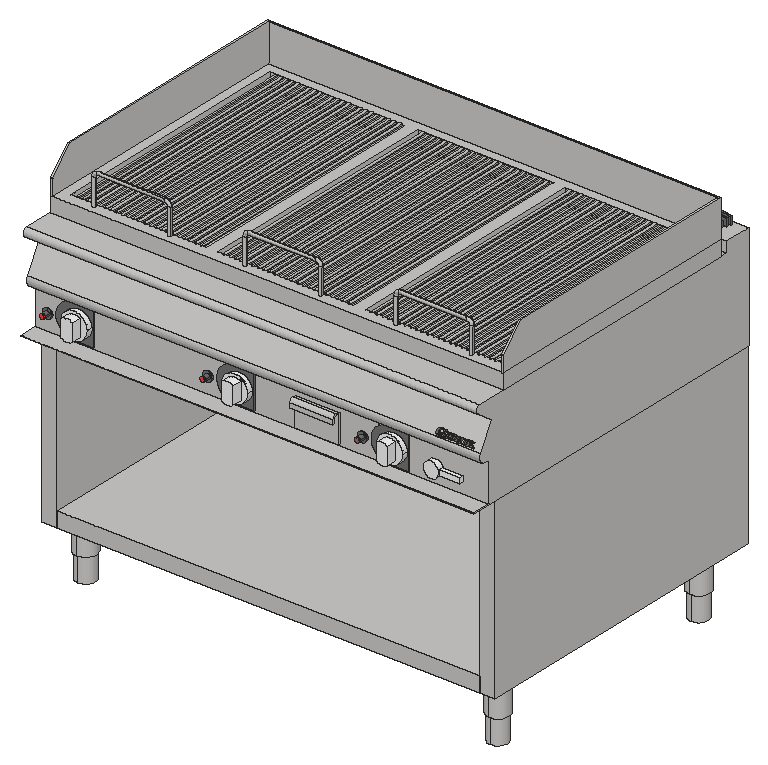
Revit family "QF_GIORIK_GL96GV", category Specialty Equipment, Revit 2014
Parameters (values of type "GL96GV")
  Weight in Pounds = 374.7854
  Waste Water Discharge Temperature [instance] = 0 °C
  URL Cutsheet = "www.giorik.com"
  URL = "www.giorik.com"
  Status [instance] = ""
  Specification by User [instance] = ""
  Specification by Manufacturer = ""
  Show Logo [instance] = yes
  Show Clearance [instance] = yes
  Serial Number = ""
  Seismic Rating = ""
  SMACNA No = ""
  Revision Code [instance] = ""
  Plumbing Remarks [instance] = ""
  Plumbing Connection Type [instance] = ""
  NAFEM Spec ID Number = ""
  Model = "GL96GV"
  Masterspec = ""
  Manufacturer = "GIORIK"
  Item Number [instance] = ""
  Installed By [instance] = ""
  Indirect Waste Size = 1"
  Indirect Waste Flow = 0.0 L/s
  Indirect Waste Connection Type [instance] = ""
  Indirect Waste Connection Height [instance] = 150 mm
  Identify Quantity as Lot [instance] = no
  Gas Size = 1"
  Gas RI Height [instance] = 0 mm
  Gas KW = 33
  Gas Input = 33000 W
  Gas Connection Height [instance] = 150 mm
  Furnished By [instance] = ""
  Foodservice Equipment Identifier [instance] = yes
  Description = "GAS STEAMGRILL"
  Cold Water Temperature Recommended = 0 °C
  Cold Water Size = 1/2"
  Cold Water RI Height [instance] = 150 mm
  Cold Water Minimum Pressure = 20000.0 Pa
  Cold Water Maximum Pressure = 50000.0 Pa
  Cold Water Flow [instance] = 0.0 L/s
  Cold Water Consumption [instance] = ""
  Cold Water Connection Height [instance] = 150 mm
  CSI MasterFormat = ""
  Assembly Code = "E1090320"
Reference planes
  plane 1 "Back": y = 0
  plane 2: z = 0
  plane 3 "Left": x = 0
  plane 4 "Right": x = 1200
  plane 5 "Front": y = -920
  plane 6 "Top": z = 900
Forms (mm)
  Extrusion 1, solid, visible <- "Show Logo"
    sketch origin (986.604, -908.674, 717.684) x (-1, 0, 0) y (0, 0.515038, 0.857167)
      loop
        line (-118.824, 58.358) -> (-127.804, 58.358) -> (-125.523, 56.445) -> (-125.523, 48.027) -> (-127.804, 46.113) -> (-118.824, 46.113) -> (-121.105, 48.027) -> (-121.105, 56.445) -> (-118.824, 58.358)
      loop
        line (-163.721, 58.358) -> (-172.7, 58.358) -> (-170.42, 56.445) -> (-170.42, 48.027) -> (-172.7, 46.113) -> (-163.721, 46.113) -> (-166.001, 48.027) -> (-166.001, 56.445) -> (-163.721, 58.358)
      loop
        line (-174.332, 58.358) -> (-183.312, 58.358) -> (-181.031, 56.445) -> (-181.031, 52.435) -> (-186.419, 56.955) -> (-184.416, 58.358) -> (-191.268, 58.358) -> (-188.01, 56.839) -> (-185.455, 54.283) -> (-190.846, 47.858) -> (-193.396, 46.93) -> (-193.396, 46.113) -> (-184.416, 46.113) -> (-185.437, 47.571) -> (-182.443, 51.552) -> (-181.031, 50.894) -> (-181.031, 48.027) -> (-183.312, 46.113) -> (-174.332, 46.113) -> (-176.613, 48.027) -> (-176.613, 56.445) -> (-174.332, 58.358)
      loop
        line (-115.429, 62.063) -> (-115.429, 54.198)
        arc (-115.429, 54.198) -> (-111.618, 57.803) -> (-106.847, 59.986) r 16.039
        arc (-106.847, 59.986) -> (-103.314, 59.837) -> (-100.512, 57.68) r 5.851
        arc (-100.512, 57.68) -> (-98.815, 52.267) -> (-100.512, 46.853) r 9.479
        arc (-100.512, 46.853) -> (-102.406, 44.986) -> (-104.846, 43.93) r 7.236
        arc (-104.846, 43.93) -> (-107.728, 44.111) -> (-110.052, 45.825) r 5.11
        line (-110.052, 45.825) -> (-110.052, 52.001) -> (-116.141, 52.001) -> (-116.141, 45.503) -> (-117.893, 43.751) -> (-114.094, 44.769)
        arc (-114.094, 44.769) -> (-112.56, 44.947) -> (-111.129, 44.366) r 3.115
        arc (-111.129, 44.366) -> (-104.216, 42.091) -> (-97.303, 44.366) r 11.641
        arc (-97.303, 44.366) -> (-93.396, 52.107) -> (-97.303, 59.849) r 9.622
        arc (-97.303, 59.849) -> (-104.369, 62.174) -> (-111.435, 59.849) r 11.898
        line (-111.435, 59.849) -> (-115.429, 62.063)
      loop
        arc (-129.234, 56.068) -> (-135.893, 58.628) -> (-142.552, 56.068) r 9.941
        arc (-142.552, 56.068) -> (-144.234, 52.286) -> (-142.552, 48.505) r 5.093
        arc (-142.552, 48.505) -> (-135.893, 45.945) -> (-129.234, 48.505) r 9.941
        arc (-129.234, 48.505) -> (-127.552, 52.286) -> (-129.234, 56.068) r 5.093
      loop
        arc (-132.628, 54.403) -> (-135.893, 57.668) -> (-139.158, 54.403) r 3.265
        line (-139.158, 54.403) -> (-139.158, 50.169)
        arc (-139.158, 50.169) -> (-135.893, 46.904) -> (-132.628, 50.169) r 3.265
        line (-132.628, 50.169) -> (-132.628, 54.403)
      loop
        arc (-156.363, 58.365) -> (-159.647, 55.081) -> (-156.363, 51.796) r 3.285
        line (-156.363, 51.796) -> (-159.529, 47.306) -> (-162.087, 46.113) -> (-155.847, 46.113) -> (-153.529, 51.083) -> (-150.637, 51.083) -> (-150.637, 47.784) -> (-153.022, 46.113) -> (-144.011, 46.113) -> (-146.094, 47.68) -> (-146.094, 56.493) -> (-144.229, 58.365) -> (-156.363, 58.365)
      loop
        line (-150.637, 57.512) -> (-153.637, 57.512)
        arc (-153.637, 57.512) -> (-156.237, 54.912) -> (-153.637, 52.312) r 2.6
        line (-153.637, 52.312) -> (-150.637, 52.312) -> (-150.637, 57.512)
      loop
        line (-108.924, 52.001) -> (-104.936, 49.005) -> (-100.948, 52.001) -> (-108.924, 52.001)
    from 1.5 to -0.5
  Extrusion 2, solid
    sketch origin (-16, 1025.81, 0) x (1, 0, 0) y (0, 1, 0)
      loop
        line (25, -1086.81) -> (25, -1156.81) -> (115, -1156.81) -> (115, -1086.81) -> (25, -1086.81)
    from 148 to 150
  Extrusion 3, solid
    sketch origin (-4, 0, 130) x (1, 0, 0) y (0, 1, 0)
      loop
        circle (54, -385) r 12.5
    from 0 to 20
  Extrusion 4, solid
    sketch origin (0, 800, -20) x (0, 1, 0) y (0, 0, 1)
      loop
        line (-800, 919.988) -> (-870, 919.988) -> (-870, 889.988) -> (-1688.806, 889.988)
        arc (-1688.806, 889.988) -> (-1699.151, 883.075) -> (-1696.724, 870.873) r 11.197
        line (-1696.724, 870.873) -> (-1647.575, 836.458) -> (-1686.203, 772.171)
        arc (-1686.203, 772.171) -> (-1687.435, 755.768) -> (-1675, 745) r 18.302
        line (-1675, 745) -> (-1660, 745) -> (-1660, 640) -> (-800, 640) -> (-800, 919.988)
    from 0 to 1200
  Extrusion 5, solid
    sketch origin (-16, 360.81, 0) x (1, 0, 0) y (0, 1, 0)
      loop
        line (25, -1086.81) -> (25, -1156.81) -> (115, -1156.81) -> (115, -1086.81) -> (25, -1086.81)
    from 148 to 150
  Revolve 6, solid
    sketch origin (54, 360.81, 0) x (0, 1, 0) y (0, 0, 1)
      loop
        line (-1092.56, 66) -> (-1092.56, 148) -> (-1121.81, 148) -> (-1121.81, 0) -> (-1096.81, 0) -> (-1096.81, 66) -> (-1092.56, 66)
      axis (-1121.81, 0) -> (-1121.81, 148)
    angle from 0 to 360
  Revolve 7, solid
    sketch origin (54, 1025.81, 0) x (0, 1, 0) y (0, 0, 1)
      loop
        line (-1092.56, 66) -> (-1092.56, 148) -> (-1121.81, 148) -> (-1121.81, 0) -> (-1096.81, 0) -> (-1096.81, 66) -> (-1092.56, 66)
      axis (-1121.81, 0) -> (-1121.81, 148)
    angle from 0 to 360
  Extrusion 8, solid
    sketch origin (1216, 360.81, 0) x (-1, 0, 0) y (0, -1, 0)
      loop
        line (25, 1086.81) -> (115, 1086.81) -> (115, 1156.81) -> (25, 1156.81) -> (25, 1086.81)
    from 148 to 150
  Revolve 9, solid
    sketch origin (1146, 360.81, 0) x (0, 1, 0) y (0, 0, -1)
      loop
        line (-1092.56, -66) -> (-1096.81, -66) -> (-1096.81, 0) -> (-1121.81, 0) -> (-1121.81, -148) -> (-1092.56, -148) -> (-1092.56, -66)
      axis (-1121.81, 0) -> (-1121.81, -148)
    angle from 0 to 360
  Extrusion 10, solid
    sketch origin (1216, -1217.81, 0) x (-1, 0, 0) y (0, -1, 0)
      loop
        line (25, -1086.81) -> (25, -1156.81) -> (115, -1156.81) -> (115, -1086.81) -> (25, -1086.81)
    from 148 to 150
  Revolve 11, solid
    sketch origin (1146, -1217.81, 0) x (0, -1, 0) y (0, 0, 1)
      loop
        line (-1092.56, 66) -> (-1092.56, 148) -> (-1121.81, 148) -> (-1121.81, 0) -> (-1096.81, 0) -> (-1096.81, 66) -> (-1092.56, 66)
      axis (-1121.81, 0) -> (-1121.81, 148)
    angle from 0 to 360
  Extrusion 12, solid
    sketch origin (-308.221, -812, -51.25) x (1, 0, 0) y (0, 0, 1)
      loop
        line (463.221, 676.25) -> (463.221, 766.25) -> (409.698, 766.25)
        arc (409.698, 766.25) -> (364.698, 721.25) -> (409.698, 676.25) r 45
        line (409.698, 676.25) -> (463.221, 676.25)
    from 48 to 50
  Extrusion 13, solid
    sketch origin (466.331, -860.641, -51.634) x (-1, 0, 0) y (0, -0.000888, -1)
      loop
        circle (351.331, -721.346) r 35
    from 0 to 15
  Extrusion 14, solid
    sketch origin (466.331, -860.641, -51.634) x (-1, 0, 0) y (0, -0.000888, -1)
      loop
        arc (336.331, -743.846) -> (351.331, -748.846) -> (366.331, -743.846) r 25
        line (366.331, -743.846) -> (366.331, -698.846)
        arc (366.331, -698.846) -> (351.331, -693.846) -> (336.331, -698.846) r 25
        line (336.331, -698.846) -> (336.331, -743.846)
    from 15 to 40
  Extrusion 15, solid
    sketch origin (-94, 0, -10.001) x (1, 0, 0) y (0, 0, 1)
      loop
        line (135, 909.989) -> (453, 909.989) -> (453, 925.527) -> (347.056, 931.749) -> (240.944, 931.749) -> (135, 925.527) -> (135, 909.989)
    from 32 to 35
  Extrusion 16, solid
    sketch origin (-92, 10, -10.001) x (1, 0, 0) y (0, 0, 1)
      loop
        line (454, 909.989) -> (454, 928.527) -> (346.162, 939.193) -> (237.838, 939.193) -> (130, 928.527) -> (130, 909.989) -> (454, 909.989)
    from 32 to 35
  Extrusion 17, solid
    sketch origin (-90, 20, -10.001) x (1, 0, 0) y (0, 0, 1)
      loop
        line (455, 909.989) -> (455, 930.527) -> (345.396, 947.413) -> (234.604, 947.413) -> (125, 930.527) -> (125, 909.989) -> (455, 909.989)
    from 32 to 35
  Extrusion 18, solid
    sketch origin (0, -200, 0) x (0, 1, 0) y (0, 0, 1)
      loop
        line (110, 909.988) -> (110, 1009.988) -> (-551.877, 1009.988) -> (-610, 951.864) -> (-610, 909.988) -> (110, 909.988)
    from 0 to 5
  Extrusion 19, solid
    sketch origin (0, -90, 0) x (1, 0, 0) y (0, 0, 1)
      loop
        line (5, 1009.988) -> (5, 909.988) -> (1195, 909.988) -> (1195, 1009.988) -> (5, 1009.988)
    from 0 to 5
  Sweep 20, solid
    path origin (32.128, -787.463, 1856.207) x (0, 0, 1) y (-1, 0, 0)
      loop
        line (-946.207, -65.372) -> (-876.207, -65.372)
        arc (-876.207, -65.372) -> (-869.136, -68.301) -> (-866.207, -75.372) r 10
        line (-866.207, -75.372) -> (-866.207, -255.372)
        arc (-866.207, -255.372) -> (-869.136, -262.443) -> (-876.207, -265.372) r 10
        line (-876.207, -265.372) -> (-946.207, -265.372)
    profile origin (97.5, -787.463, 945) x (-1, 0, 0) y (0, -1, 0)
      loop
        circle (0, 0) r 4
  Extrusion 21, solid
    sketch origin (1411.331, -860, -61.247) x (-1, 0, 0) y (0, 0, -1)
      loop
        circle (351.331, -721.221) r 20
    from 0 to 15
  Extrusion 22, solid
    sketch origin (780, -864, -62.044) x (1, 0, 0) y (0, 0, 1)
      loop
        line (275.18, 729.518) -> (275.18, 714.518) -> (355.18, 714.518) -> (355.18, 729.518) -> (275.18, 729.518)
    from 0 to 10
  Extrusion 23, solid
    sketch origin (552.347, -900, 59.9) x (0, 1, 0) y (0, 0, 1)
      loop
        line (40, 640.1) -> (30, 640.1)
        arc (30, 640.1) -> (22.929, 637.171) -> (20, 630.1) r 10
        line (20, 630.1) -> (20, 620.1) -> (22, 620.1) -> (22, 630.1)
        arc (22, 630.1) -> (24.343, 635.757) -> (30, 638.1) r 8
        line (30, 638.1) -> (38, 638.1) -> (38, 565.1) -> (40, 565.1) -> (40, 640.1)
    from 137.5 to 252.5
  Extrusion 24, solid
    sketch origin (422, 0, 100) x (0, 1, 0) y (-1, 0, 0)
      loop
        circle (-185, -308) r 12.7
    from 30 to 50
  Extrusion 25, solid
    sketch origin (831.75, -293, 100) x (0, 1, 0) y (-1, 0, 0)
      loop
        circle (-185, -308) r 6.35
    from 30 to 50
  Extrusion 26, solid
    sketch origin (0, -200, 900) x (0, 1, 0) y (-1, 0, 0)
      loop
        line (110, 0) -> (-610, 0) -> (-610, -1200) -> (110, -1200) -> (110, 0)
      loop
        line (80, -30) -> (-580, -30) -> (-580, -390) -> (80, -390) -> (80, -30)
      loop
        line (79.933, -420) -> (-580, -420) -> (-580, -780) -> (79.933, -780) -> (79.933, -420)
      loop
        line (80.011, -810) -> (-580, -810) -> (-580, -1170) -> (80.011, -1170) -> (80.011, -810)
    from -30.012 to 9.988
  Extrusion 27, solid
    sketch origin (-5, -200, 0) x (1, 0, 0) y (0, 0, 1)
      loop
        circle (50, 906.988) r 3
    from -80 to 580
  Extrusion 28, solid
    sketch origin (10, -200, 0) x (1, 0, 0) y (0, 0, 1)
      loop
        circle (50, 906.988) r 3
    from -80 to 580
  Extrusion 29, solid
    sketch origin (25, -200, 0) x (1, 0, 0) y (0, 0, 1)
      loop
        circle (50, 906.988) r 3
    from -80 to 580
  Extrusion 30, solid
    sketch origin (40, -200, 0) x (1, 0, 0) y (0, 0, 1)
      loop
        circle (50, 906.988) r 3
    from -80 to 580
  Extrusion 31, solid
    sketch origin (55, -200, 0) x (1, 0, 0) y (0, 0, 1)
      loop
        circle (50, 906.988) r 3
    from -80 to 580
  Extrusion 32, solid
    sketch origin (70, -200, 0) x (1, 0, 0) y (0, 0, 1)
      loop
        circle (50, 906.988) r 3
    from -80 to 580
  Extrusion 33, solid
    sketch origin (85, -200, 0) x (1, 0, 0) y (0, 0, 1)
      loop
        circle (50, 906.988) r 3
    from -80 to 580
  Extrusion 34, solid
    sketch origin (100, -200, 0) x (1, 0, 0) y (0, 0, 1)
      loop
        circle (50, 906.988) r 3
    from -80 to 580
  Extrusion 35, solid
    sketch origin (115, -200, 0) x (1, 0, 0) y (0, 0, 1)
      loop
        circle (50, 906.988) r 3
    from -80 to 580
  Extrusion 36, solid
    sketch origin (130, -200, 0) x (1, 0, 0) y (0, 0, 1)
      loop
        circle (50, 906.988) r 3
    from -80 to 580
  Extrusion 37, solid
    sketch origin (145, -200, 0) x (1, 0, 0) y (0, 0, 1)
      loop
        circle (50, 906.988) r 3
    from -80 to 580
  Extrusion 38, solid
    sketch origin (160, -200, 0) x (1, 0, 0) y (0, 0, 1)
      loop
        circle (50, 906.988) r 3
    from -80 to 580
  Extrusion 39, solid
    sketch origin (175, -200, 0) x (1, 0, 0) y (0, 0, 1)
      loop
        circle (50, 906.988) r 3
    from -80 to 580
  Extrusion 40, solid
    sketch origin (190, -200, 0) x (1, 0, 0) y (0, 0, 1)
      loop
        circle (50, 906.988) r 3
    from -80 to 580
  Extrusion 41, solid
    sketch origin (205, -200, 0) x (1, 0, 0) y (0, 0, 1)
      loop
        circle (50, 906.988) r 3
    from -80 to 580
  Extrusion 42, solid
    sketch origin (220, -200, 0) x (1, 0, 0) y (0, 0, 1)
      loop
        circle (50, 906.988) r 3
    from -80 to 580
  Extrusion 43, solid
    sketch origin (235, -200, 0) x (1, 0, 0) y (0, 0, 1)
      loop
        circle (50, 906.988) r 3
    from -80 to 580
  Extrusion 44, solid
    sketch origin (250, -200, 0) x (1, 0, 0) y (0, 0, 1)
      loop
        circle (50, 906.988) r 3
    from -80 to 580
  Extrusion 45, solid
    sketch origin (265, -200, 0) x (1, 0, 0) y (0, 0, 1)
      loop
        circle (50, 906.988) r 3
    from -80 to 580
  Extrusion 46, solid
    sketch origin (280, -200, 0) x (1, 0, 0) y (0, 0, 1)
      loop
        circle (50, 906.988) r 3
    from -80 to 580
  Extrusion 47, solid
    sketch origin (295, -200, 0) x (1, 0, 0) y (0, 0, 1)
      loop
        circle (50, 906.988) r 3
    from -80 to 580
  Extrusion 48, solid
    sketch origin (0, -860, 0) x (1, 0, 0) y (0, 0, 1)
      loop
        line (0, 620) -> (1200, 620) -> (1200, 622) -> (0, 622) -> (0, 620)
    from 0 to 50
  Extrusion 49, solid
    sketch origin (-6.142, -835.246, -47.152) x (1, 0, 0) y (0, 0.000339, 1)
      loop
        circle (38.702, 711.666) r 12.5
    from 25 to 27
  Extrusion 50, solid
    sketch origin (-732.35, -862.248, -53.566) x (1, 0, 0) y (0, 0.000339, 1)
      loop
        circle (764.91, 718.089) r 6
    from 0 to 15
  Extrusion 51, solid
    sketch origin (-732.35, -863.41, -53.565) x (1, 0, 0) y (0, 0.000339, 1)
      loop
        circle (764.91, 718.089) r 6
    from 13.838 to 15.838
  Extrusion 52, solid
    sketch origin (1195, -200, 0) x (0, 1, 0) y (0, 0, 1)
      loop
        line (110, 909.988) -> (110, 1009.988) -> (-551.877, 1009.988) -> (-610, 951.864) -> (-610, 909.988) -> (110, 909.988)
    from 0 to 5
  Extrusion 53, solid
    sketch origin (306, 0, -10.001) x (1, 0, 0) y (0, 0, 1)
      loop
        line (135, 909.989) -> (453, 909.989) -> (453, 925.527) -> (347.056, 931.749) -> (240.944, 931.749) -> (135, 925.527) -> (135, 909.989)
    from 32 to 35
  Extrusion 54, solid
    sketch origin (308, 10, -10.001) x (1, 0, 0) y (0, 0, 1)
      loop
        line (454, 909.989) -> (454, 928.527) -> (346.162, 939.193) -> (237.838, 939.193) -> (130, 928.527) -> (130, 909.989) -> (454, 909.989)
    from 32 to 35
  Extrusion 55, solid
    sketch origin (310, 20, -10.001) x (1, 0, 0) y (0, 0, 1)
      loop
        line (455, 909.989) -> (455, 930.527) -> (345.396, 947.413) -> (234.604, 947.413) -> (125, 930.527) -> (125, 909.989) -> (455, 909.989)
    from 32 to 35
  Sweep 56, solid
    path origin (432.128, -787.463, 1856.207) x (0, 0, 1) y (-1, 0, 0)
      loop
        line (-946.207, -65.372) -> (-876.207, -65.372)
        arc (-876.207, -65.372) -> (-869.136, -68.301) -> (-866.207, -75.372) r 10
        line (-866.207, -75.372) -> (-866.207, -255.372)
        arc (-866.207, -255.372) -> (-869.136, -262.443) -> (-876.207, -265.372) r 10
        line (-876.207, -265.372) -> (-946.207, -265.372)
    profile origin (497.5, -787.463, 945) x (-1, 0, 0) y (0, -1, 0)
      loop
        circle (0, 0) r 4
  Extrusion 57, solid
    sketch origin (310, -200, 0) x (1, 0, 0) y (0, 0, 1)
      loop
        circle (50, 906.988) r 3
    from -80 to 580
  Extrusion 58, solid
    sketch origin (306, 0, -10.001) x (1, 0, 0) y (0, 0, 1)
      loop
        line (135, 909.989) -> (453, 909.989) -> (453, 925.527) -> (347.056, 931.749) -> (240.944, 931.749) -> (135, 925.527) -> (135, 909.989)
    from 32 to 35
  Extrusion 59, solid
    sketch origin (308, 10, -10.001) x (1, 0, 0) y (0, 0, 1)
      loop
        line (454, 909.989) -> (454, 928.527) -> (346.162, 939.193) -> (237.838, 939.193) -> (130, 928.527) -> (130, 909.989) -> (454, 909.989)
    from 32 to 35
  Extrusion 60, solid
    sketch origin (310, 20, -10.001) x (1, 0, 0) y (0, 0, 1)
      loop
        line (455, 909.989) -> (455, 930.527) -> (345.396, 947.413) -> (234.604, 947.413) -> (125, 930.527) -> (125, 909.989) -> (455, 909.989)
    from 32 to 35
  Extrusion 61, solid
    sketch origin (116.779, -812, -51.25) x (1, 0, 0) y (0, 0, 1)
      loop
        line (463.221, 676.25) -> (463.221, 766.25) -> (409.698, 766.25)
        arc (409.698, 766.25) -> (364.698, 721.25) -> (409.698, 676.25) r 45
        line (409.698, 676.25) -> (463.221, 676.25)
    from 48 to 50
  Extrusion 62, solid
    sketch origin (891.331, -860.641, -51.634) x (-1, 0, 0) y (0, -0.000888, -1)
      loop
        circle (351.331, -721.346) r 35
    from 0 to 15
  Extrusion 63, solid
    sketch origin (891.331, -860.641, -51.634) x (-1, 0, 0) y (0, -0.000888, -1)
      loop
        arc (336.331, -743.846) -> (351.331, -748.846) -> (366.331, -743.846) r 25
        line (366.331, -743.846) -> (366.331, -698.846)
        arc (366.331, -698.846) -> (351.331, -693.846) -> (336.331, -698.846) r 25
        line (336.331, -698.846) -> (336.331, -743.846)
    from 15 to 40
  Extrusion 64, solid
    sketch origin (418.858, -835.246, -47.152) x (1, 0, 0) y (0, 0.000339, 1)
      loop
        circle (38.702, 711.666) r 12.5
    from 25 to 27
  Extrusion 65, solid
    sketch origin (-307.35, -862.248, -53.566) x (1, 0, 0) y (0, 0.000339, 1)
      loop
        circle (764.91, 718.089) r 6
    from 0 to 15
  Extrusion 66, solid
    sketch origin (-307.35, -863.41, -53.565) x (1, 0, 0) y (0, 0.000339, 1)
      loop
        circle (764.91, 718.089) r 6
    from 13.838 to 15.838
  Extrusion 67, solid
    sketch origin (526.779, -812, -51.25) x (1, 0, 0) y (0, 0, 1)
      loop
        line (463.221, 676.25) -> (463.221, 766.25) -> (409.698, 766.25)
        arc (409.698, 766.25) -> (364.698, 721.25) -> (409.698, 676.25) r 45
        line (409.698, 676.25) -> (463.221, 676.25)
    from 48 to 50
  Extrusion 68, solid
    sketch origin (1301.331, -860.641, -51.634) x (-1, 0, 0) y (0, -0.000888, -1)
      loop
        circle (351.331, -721.346) r 35
    from 0 to 15
  Extrusion 69, solid
    sketch origin (1301.331, -860.641, -51.634) x (-1, 0, 0) y (0, -0.000888, -1)
      loop
        arc (336.331, -743.846) -> (351.331, -748.846) -> (366.331, -743.846) r 25
        line (366.331, -743.846) -> (366.331, -698.846)
        arc (366.331, -698.846) -> (351.331, -693.846) -> (336.331, -698.846) r 25
        line (336.331, -698.846) -> (336.331, -743.846)
    from 15 to 40
  Extrusion 70, solid
    sketch origin (828.858, -835.246, -47.152) x (1, 0, 0) y (0, 0.000339, 1)
      loop
        circle (38.702, 711.666) r 12.5
    from 25 to 27
  Extrusion 71, solid
    sketch origin (102.65, -862.248, -53.566) x (1, 0, 0) y (0, 0.000339, 1)
      loop
        circle (764.91, 718.089) r 6
    from 0 to 15
  Extrusion 72, solid
    sketch origin (102.65, -863.41, -53.565) x (1, 0, 0) y (0, 0.000339, 1)
      loop
        circle (764.91, 718.089) r 6
    from 13.838 to 15.838
  Extrusion 73, solid
    sketch origin (706, 0, -10.001) x (1, 0, 0) y (0, 0, 1)
      loop
        line (135, 909.989) -> (453, 909.989) -> (453, 925.527) -> (347.056, 931.749) -> (240.944, 931.749) -> (135, 925.527) -> (135, 909.989)
    from 32 to 35
  Extrusion 74, solid
    sketch origin (708, 10, -10.001) x (1, 0, 0) y (0, 0, 1)
      loop
        line (454, 909.989) -> (454, 928.527) -> (346.162, 939.193) -> (237.838, 939.193) -> (130, 928.527) -> (130, 909.989) -> (454, 909.989)
    from 32 to 35
  Extrusion 75, solid
    sketch origin (710, 20, -10.001) x (1, 0, 0) y (0, 0, 1)
      loop
        line (455, 909.989) -> (455, 930.527) -> (345.396, 947.413) -> (234.604, 947.413) -> (125, 930.527) -> (125, 909.989) -> (455, 909.989)
    from 32 to 35
  Sweep 76, solid
    path origin (832.128, -787.463, 1856.207) x (0, 0, 1) y (-1, 0, 0)
      loop
        line (-946.207, -65.372) -> (-876.207, -65.372)
        arc (-876.207, -65.372) -> (-869.136, -68.301) -> (-866.207, -75.372) r 10
        line (-866.207, -75.372) -> (-866.207, -255.372)
        arc (-866.207, -255.372) -> (-869.136, -262.443) -> (-876.207, -265.372) r 10
        line (-876.207, -265.372) -> (-946.207, -265.372)
    profile origin (897.5, -787.463, 945) x (-1, 0, 0) y (0, -1, 0)
      loop
        circle (0, 0) r 4
  Extrusion 77, solid
    sketch origin (706, 0, -10.001) x (1, 0, 0) y (0, 0, 1)
      loop
        line (135, 909.989) -> (453, 909.989) -> (453, 925.527) -> (347.056, 931.749) -> (240.944, 931.749) -> (135, 925.527) -> (135, 909.989)
    from 32 to 35
  Extrusion 78, solid
    sketch origin (708, 10, -10.001) x (1, 0, 0) y (0, 0, 1)
      loop
        line (454, 909.989) -> (454, 928.527) -> (346.162, 939.193) -> (237.838, 939.193) -> (130, 928.527) -> (130, 909.989) -> (454, 909.989)
    from 32 to 35
  Extrusion 79, solid
    sketch origin (710, 20, -10.001) x (1, 0, 0) y (0, 0, 1)
      loop
        line (455, 909.989) -> (455, 930.527) -> (345.396, 947.413) -> (234.604, 947.413) -> (125, 930.527) -> (125, 909.989) -> (455, 909.989)
    from 32 to 35
  Extrusion 80, solid
    sketch origin (706, 0, -10.001) x (1, 0, 0) y (0, 0, 1)
      loop
        line (135, 909.989) -> (453, 909.989) -> (453, 925.527) -> (347.056, 931.749) -> (240.944, 931.749) -> (135, 925.527) -> (135, 909.989)
    from 32 to 35
  Extrusion 81, solid
    sketch origin (708, 10, -10.001) x (1, 0, 0) y (0, 0, 1)
      loop
        line (454, 909.989) -> (454, 928.527) -> (346.162, 939.193) -> (237.838, 939.193) -> (130, 928.527) -> (130, 909.989) -> (454, 909.989)
    from 32 to 35
  Extrusion 82, solid
    sketch origin (710, 20, -10.001) x (1, 0, 0) y (0, 0, 1)
      loop
        line (455, 909.989) -> (455, 930.527) -> (345.396, 947.413) -> (234.604, 947.413) -> (125, 930.527) -> (125, 909.989) -> (455, 909.989)
    from 32 to 35
  Extrusion 83, solid
    sketch origin (706, 0, -10.001) x (1, 0, 0) y (0, 0, 1)
      loop
        line (135, 909.989) -> (453, 909.989) -> (453, 925.527) -> (347.056, 931.749) -> (240.944, 931.749) -> (135, 925.527) -> (135, 909.989)
    from 32 to 35
  Extrusion 84, solid
    sketch origin (708, 10, -10.001) x (1, 0, 0) y (0, 0, 1)
      loop
        line (454, 909.989) -> (454, 928.527) -> (346.162, 939.193) -> (237.838, 939.193) -> (130, 928.527) -> (130, 909.989) -> (454, 909.989)
    from 32 to 35
  Extrusion 85, solid
    sketch origin (710, 20, -10.001) x (1, 0, 0) y (0, 0, 1)
      loop
        line (455, 909.989) -> (455, 930.527) -> (345.396, 947.413) -> (234.604, 947.413) -> (125, 930.527) -> (125, 909.989) -> (455, 909.989)
    from 32 to 35
  Extrusion 86, solid
    sketch origin (325, -200, 0) x (1, 0, 0) y (0, 0, 1)
      loop
        circle (50, 906.988) r 3
    from -80 to 580
  Extrusion 87, solid
    sketch origin (385, -200, 0) x (1, 0, 0) y (0, 0, 1)
      loop
        circle (50, 906.988) r 3
    from -80 to 580
  Extrusion 88, solid
    sketch origin (400, -200, 0) x (1, 0, 0) y (0, 0, 1)
      loop
        circle (50, 906.988) r 3
    from -80 to 580
  Extrusion 89, solid
    sketch origin (415, -200, 0) x (1, 0, 0) y (0, 0, 1)
      loop
        circle (50, 906.988) r 3
    from -80 to 580
  Extrusion 90, solid
    sketch origin (430, -200, 0) x (1, 0, 0) y (0, 0, 1)
      loop
        circle (50, 906.988) r 3
    from -80 to 580
  Extrusion 91, solid
    sketch origin (445, -200, 0) x (1, 0, 0) y (0, 0, 1)
      loop
        circle (50, 906.988) r 3
    from -80 to 580
  Extrusion 92, solid
    sketch origin (460, -200, 0) x (1, 0, 0) y (0, 0, 1)
      loop
        circle (50, 906.988) r 3
    from -80 to 580
  Extrusion 93, solid
    sketch origin (475, -200, 0) x (1, 0, 0) y (0, 0, 1)
      loop
        circle (50, 906.988) r 3
    from -80 to 580
  Extrusion 94, solid
    sketch origin (490, -200, 0) x (1, 0, 0) y (0, 0, 1)
      loop
        circle (50, 906.988) r 3
    from -80 to 580
  Extrusion 95, solid
    sketch origin (505, -200, 0) x (1, 0, 0) y (0, 0, 1)
      loop
        circle (50, 906.988) r 3
    from -80 to 580
  Extrusion 96, solid
    sketch origin (520, -200, 0) x (1, 0, 0) y (0, 0, 1)
      loop
        circle (50, 906.988) r 3
    from -80 to 580
  Extrusion 97, solid
    sketch origin (535, -200, 0) x (1, 0, 0) y (0, 0, 1)
      loop
        circle (50, 906.988) r 3
    from -80 to 580
  Extrusion 98, solid
    sketch origin (550, -200, 0) x (1, 0, 0) y (0, 0, 1)
      loop
        circle (50, 906.988) r 3
    from -80 to 580
  Extrusion 99, solid
    sketch origin (565, -200, 0) x (1, 0, 0) y (0, 0, 1)
      loop
        circle (50, 906.988) r 3
    from -80 to 580
  Extrusion 100, solid
    sketch origin (580, -200, 0) x (1, 0, 0) y (0, 0, 1)
      loop
        circle (50, 906.988) r 3
    from -80 to 580
  Extrusion 101, solid
    sketch origin (595, -200, 0) x (1, 0, 0) y (0, 0, 1)
      loop
        circle (50, 906.988) r 3
    from -80 to 580
  Extrusion 102, solid
    sketch origin (610, -200, 0) x (1, 0, 0) y (0, 0, 1)
      loop
        circle (50, 906.988) r 3
    from -80 to 580
  Extrusion 103, solid
    sketch origin (625, -200, 0) x (1, 0, 0) y (0, 0, 1)
      loop
        circle (50, 906.988) r 3
    from -80 to 580
  Extrusion 104, solid
    sketch origin (640, -200, 0) x (1, 0, 0) y (0, 0, 1)
      loop
        circle (50, 906.988) r 3
    from -80 to 580
  Extrusion 105, solid
    sketch origin (655, -200, 0) x (1, 0, 0) y (0, 0, 1)
      loop
        circle (50, 906.988) r 3
    from -80 to 580
  Extrusion 106, solid
    sketch origin (670, -200, 0) x (1, 0, 0) y (0, 0, 1)
      loop
        circle (50, 906.988) r 3
    from -80 to 580
  Extrusion 107, solid
    sketch origin (685, -200, 0) x (1, 0, 0) y (0, 0, 1)
      loop
        circle (50, 906.988) r 3
    from -80 to 580
  Extrusion 108, solid
    sketch origin (700, -200, 0) x (1, 0, 0) y (0, 0, 1)
      loop
        circle (50, 906.988) r 3
    from -80 to 580
  Extrusion 109, solid
    sketch origin (715, -200, 0) x (1, 0, 0) y (0, 0, 1)
      loop
        circle (50, 906.988) r 3
    from -80 to 580
  Extrusion 110, solid
    sketch origin (775, -200, 0) x (1, 0, 0) y (0, 0, 1)
      loop
        circle (50, 906.988) r 3
    from -80 to 580
  Extrusion 111, solid
    sketch origin (790, -200, 0) x (1, 0, 0) y (0, 0, 1)
      loop
        circle (50, 906.988) r 3
    from -80 to 580
  Extrusion 112, solid
    sketch origin (805, -200, 0) x (1, 0, 0) y (0, 0, 1)
      loop
        circle (50, 906.988) r 3
    from -80 to 580
  Extrusion 113, solid
    sketch origin (820, -200, 0) x (1, 0, 0) y (0, 0, 1)
      loop
        circle (50, 906.988) r 3
    from -80 to 580
  Extrusion 114, solid
    sketch origin (835, -200, 0) x (1, 0, 0) y (0, 0, 1)
      loop
        circle (50, 906.988) r 3
    from -80 to 580
  Extrusion 115, solid
    sketch origin (850, -200, 0) x (1, 0, 0) y (0, 0, 1)
      loop
        circle (50, 906.988) r 3
    from -80 to 580
  Extrusion 116, solid
    sketch origin (865, -200, 0) x (1, 0, 0) y (0, 0, 1)
      loop
        circle (50, 906.988) r 3
    from -80 to 580
  Extrusion 117, solid
    sketch origin (880, -200, 0) x (1, 0, 0) y (0, 0, 1)
      loop
        circle (50, 906.988) r 3
    from -80 to 580
  Extrusion 118, solid
    sketch origin (895, -200, 0) x (1, 0, 0) y (0, 0, 1)
      loop
        circle (50, 906.988) r 3
    from -80 to 580
  Extrusion 119, solid
    sketch origin (910, -200, 0) x (1, 0, 0) y (0, 0, 1)
      loop
        circle (50, 906.988) r 3
    from -80 to 580
  Extrusion 120, solid
    sketch origin (925, -200, 0) x (1, 0, 0) y (0, 0, 1)
      loop
        circle (50, 906.988) r 3
    from -80 to 580
  Extrusion 121, solid
    sketch origin (940, -200, 0) x (1, 0, 0) y (0, 0, 1)
      loop
        circle (50, 906.988) r 3
    from -80 to 580
  Extrusion 122, solid
    sketch origin (955, -200, 0) x (1, 0, 0) y (0, 0, 1)
      loop
        circle (50, 906.988) r 3
    from -80 to 580
  Extrusion 123, solid
    sketch origin (970, -200, 0) x (1, 0, 0) y (0, 0, 1)
      loop
        circle (50, 906.988) r 3
    from -80 to 580
  Extrusion 124, solid
    sketch origin (985, -200, 0) x (1, 0, 0) y (0, 0, 1)
      loop
        circle (50, 906.988) r 3
    from -80 to 580
  Extrusion 125, solid
    sketch origin (1000, -200, 0) x (1, 0, 0) y (0, 0, 1)
      loop
        circle (50, 906.988) r 3
    from -80 to 580
  Extrusion 126, solid
    sketch origin (1015, -200, 0) x (1, 0, 0) y (0, 0, 1)
      loop
        circle (50, 906.988) r 3
    from -80 to 580
  Extrusion 127, solid
    sketch origin (1030, -200, 0) x (1, 0, 0) y (0, 0, 1)
      loop
        circle (50, 906.988) r 3
    from -80 to 580
  Extrusion 128, solid
    sketch origin (1045, -200, 0) x (1, 0, 0) y (0, 0, 1)
      loop
        circle (50, 906.988) r 3
    from -80 to 580
  Extrusion 129, solid
    sketch origin (1060, -200, 0) x (1, 0, 0) y (0, 0, 1)
      loop
        circle (50, 906.988) r 3
    from -80 to 580
  Extrusion 130, solid
    sketch origin (1075, -200, 0) x (1, 0, 0) y (0, 0, 1)
      loop
        circle (50, 906.988) r 3
    from -80 to 580
  Extrusion 131, solid
    sketch origin (1090, -200, 0) x (1, 0, 0) y (0, 0, 1)
      loop
        circle (50, 906.988) r 3
    from -80 to 580
  Extrusion 132, solid
    sketch origin (1105, -200, 0) x (1, 0, 0) y (0, 0, 1)
      loop
        circle (50, 906.988) r 3
    from -80 to 580
  Sweep 133, solid
    path origin (832.128, -787.463, 1856.207) x (0, 0, 1) y (-1, 0, 0)
      loop
        line (-946.207, -65.372) -> (-876.207, -65.372)
        arc (-876.207, -65.372) -> (-869.136, -68.301) -> (-866.207, -75.372) r 10
        line (-866.207, -75.372) -> (-866.207, -255.372)
        arc (-866.207, -255.372) -> (-869.136, -262.443) -> (-876.207, -265.372) r 10
        line (-876.207, -265.372) -> (-946.207, -265.372)
    profile origin (897.5, -787.463, 945) x (-1, 0, 0) y (0, -1, 0)
      loop
        circle (0, 0) r 4
  Extrusion 134, solid
    sketch origin (0, -200, 599.384) x (1, 0, 0) y (0, 1, 0)
      loop
        line (0, -640) -> (40, -640) -> (40, 160) -> (1160, 160) -> (1160, -640) -> (1200, -640) -> (1200, 200) -> (0, 200) -> (0, -640)
    from -449.536 to 20.464
  Extrusion 135, solid
    sketch origin (0, -200, -0.152) x (1, 0, 0) y (0, 1, 0)
      loop
        line (40, 160) -> (40, -640) -> (1160, -640) -> (1160, 160) -> (40, 160)
    from 150 to 190
Lines and regions (mm)
  symbolic lines, style "200-EquipBorder-2D"
    curve 1: line (0, -920, 0) -> (1200, -920, 0)
    curve 2: line (1200, -920, 0) -> (1200, 0, 0)
    curve 3: line (1200, 0, 0) -> (0, 0, 0)
    curve 4: line (0, 0, 0) -> (0, -920, 0)
  symbolic lines, style "200-EquipInternal-2D"
    curve 5: line (0, -70, 900) -> (1200, -70, 900)
    curve 6: line (35, -12, 900) -> (365, -12, 900)
    curve 7: line (365, -12, 900) -> (365, -15, 900)
    curve 8: line (365, -15, 900) -> (35, -15, 900)
    curve 9: line (35, -15, 900) -> (35, -12, 900)
    curve 10: line (38, -22, 900) -> (362, -22, 900)
    curve 11: line (362, -22, 900) -> (362, -25, 900)
    curve 12: line (362, -25, 900) -> (38, -25, 900)
    curve 13: line (38, -25, 900) -> (38, -22, 900)
    curve 14: line (41, -32, 900) -> (359, -32, 900)
    curve 15: line (359, -32, 900) -> (359, -35, 900)
    curve 16: line (359, -35, 900) -> (41, -35, 900)
    curve 17: line (41, -35, 900) -> (41, -32, 900)
    curve 18: line (5, -95, 900) -> (1195, -95, 900)
    curve 19: line (0, -90, 900) -> (1200, -90, 900)
    curve 20: line (1200, -90, 900) -> (1200, -810, 900)
    curve 21: line (1195, -810, 900) -> (1195, -95, 900)
    curve 22: line (5, -95, 900) -> (5, -810, 900)
    curve 23: line (0, -810, 900) -> (0, -90, 900)
    curve 24: line (0, -810, 900) -> (1200, -810, 900)
    curve 25: line (30, -780, 900) -> (30, -120, 900)
    curve 26: line (390, -120, 900) -> (390, -780, 900)
    curve 27: line (132, -120, 900) -> (132, -780, 900)
    curve 28: line (42, -780, 900) -> (42, -120, 900)
    curve 29: line (48, -780, 900) -> (48, -120, 900)
    curve 30: line (57, -120, 900) -> (57, -780, 900)
    curve 31: line (57, -780, 900) -> (48, -780, 900)
    curve 32: line (42, -780, 900) -> (30, -780, 900)
    curve 33: line (30, -120, 900) -> (42, -120, 900)
    curve 34: line (48, -120, 900) -> (57, -120, 900)
    curve 35: line (63, -120, 900) -> (63, -780, 900)
    curve 36: line (63, -780, 900) -> (72, -780, 900)
    curve 37: line (72, -780, 900) -> (72, -120, 900)
    curve 38: line (72, -120, 900) -> (63, -120, 900)
    curve 39: line (78, -120, 900) -> (87, -120, 900)
    curve 40: line (87, -120, 900) -> (87, -780, 900)
    curve 41: line (87, -780, 900) -> (78, -780, 900)
    curve 42: line (78, -780, 900) -> (78, -120, 900)
    curve 43: line (93, -120, 900) -> (93, -780, 900)
    curve 44: line (93, -780, 900) -> (102, -780, 900)
    curve 45: line (102, -780, 900) -> (102, -120, 900)
    curve 46: line (102, -120, 900) -> (93, -120, 900)
    curve 47: line (108, -120, 900) -> (117, -120, 900)
    curve 48: line (117, -120, 900) -> (117, -780, 900)
    curve 49: line (117, -780, 900) -> (108, -780, 900)
    curve 50: line (108, -780, 900) -> (108, -120, 900)
    curve 51: line (132, -120, 900) -> (123, -120, 900)
    curve 52: line (123, -120, 900) -> (123, -780, 900)
    curve 53: line (123, -780, 900) -> (132, -780, 900)
    curve 54: line (138, -780, 900) -> (138, -120, 900)
    curve 55: line (138, -120, 900) -> (147, -120, 900)
    curve 56: line (147, -120, 900) -> (147, -780, 900)
    curve 57: line (147, -780, 900) -> (138, -780, 900)
    curve 58: line (153, -780, 900) -> (153, -120, 900)
    curve 59: line (153, -120, 900) -> (162, -120, 900)
    curve 60: line (162, -120, 900) -> (162, -780, 900)
    curve 61: line (162, -780, 900) -> (153, -780, 900)
    curve 62: line (168, -780, 900) -> (168, -120, 900)
    curve 63: line (168, -120, 900) -> (177, -120, 900)
    curve 64: line (177, -120, 900) -> (177, -780, 900)
    curve 65: line (177, -780, 900) -> (168, -780, 900)
    curve 66: line (183, -780, 900) -> (183, -120, 900)
    curve 67: line (183, -120, 900) -> (192, -120, 900)
    curve 68: line (192, -120, 900) -> (192, -780, 900)
    curve 69: line (192, -780, 900) -> (183, -780, 900)
    curve 70: line (198, -780, 900) -> (198, -120, 900)
    curve 71: line (198, -120, 900) -> (207, -120, 900)
    curve 72: line (207, -120, 900) -> (207, -780, 900)
    curve 73: line (207, -780, 900) -> (198, -780, 900)
    curve 74: line (213, -780, 900) -> (213, -120, 900)
    curve 75: line (213, -120, 900) -> (222, -120, 900)
    curve 76: line (222, -120, 900) -> (222, -780, 900)
    curve 77: line (222, -780, 900) -> (213, -780, 900)
    curve 78: line (228, -780, 900) -> (228, -120, 900)
    curve 79: line (228, -120, 900) -> (237, -120, 900)
    curve 80: line (237, -120, 900) -> (237, -780, 900)
    curve 81: line (237, -780, 900) -> (228, -780, 900)
    curve 82: line (243, -780, 900) -> (243, -120, 900)
    curve 83: line (243, -120, 900) -> (252, -120, 900)
    curve 84: line (252, -120, 900) -> (252, -780, 900)
    curve 85: line (252, -780, 900) -> (243, -780, 900)
    curve 86: line (258, -780, 900) -> (258, -120, 900)
    curve 87: line (258, -120, 900) -> (267, -120, 900)
    curve 88: line (267, -120, 900) -> (267, -780, 900)
    curve 89: line (267, -780, 900) -> (258, -780, 900)
    curve 90: line (273, -780, 900) -> (273, -120, 900)
    curve 91: line (273, -120, 900) -> (282, -120, 900)
    curve 92: line (282, -120, 900) -> (282, -780, 900)
    curve 93: line (282, -780, 900) -> (273, -780, 900)
    curve 94: line (288, -780, 900) -> (288, -120, 900)
    curve 95: line (288, -120, 900) -> (297, -120, 900)
    curve 96: line (297, -120, 900) -> (297, -780, 900)
    curve 97: line (297, -780, 900) -> (288, -780, 900)
    curve 98: line (303, -780, 900) -> (303, -120, 900)
    curve 99: line (303, -120, 900) -> (312, -120, 900)
    curve 100: line (312, -120, 900) -> (312, -780, 900)
    curve 101: line (312, -780, 900) -> (303, -780, 900)
    curve 102: line (318, -780, 900) -> (318, -120, 900)
    curve 103: line (318, -120, 900) -> (327, -120, 900)
    curve 104: line (327, -120, 900) -> (327, -780, 900)
    curve 105: line (327, -780, 900) -> (318, -780, 900)
    curve 106: line (333, -780, 900) -> (333, -120, 900)
    curve 107: line (333, -120, 900) -> (342, -120, 900)
    curve 108: line (342, -120, 900) -> (342, -780, 900)
    curve 109: line (342, -780, 900) -> (333, -780, 900)
    curve 110: line (348, -780, 900) -> (348, -120, 900)
    curve 111: line (97.5, -783.463, 900) -> (297.5, -783.463, 900)
    curve 112: line (297.5, -791.463, 900) -> (97.5, -791.463, 900)
    curve 113: arc (97.5, -783.463, 900) -> (93.5, -787.463, 900) -> (97.5, -791.463, 900) r 4
    curve 114: arc (297.5, -783.463, 900) -> (301.5, -787.463, 900) -> (297.5, -791.463, 900) r 4
    curve 115: line (697.5, -791.463, 900) -> (497.5, -791.463, 900)
    curve 116: line (497.5, -783.463, 900) -> (697.5, -783.463, 900)
    curve 117: arc (497.5, -783.463, 900) -> (493.5, -787.463, 900) -> (497.5, -791.463, 900) r 4
    curve 118: arc (697.5, -783.463, 900) -> (701.5, -787.463, 900) -> (697.5, -791.463, 900) r 4
    curve 119: line (435, -12, 900) -> (765, -12, 900)
    curve 120: line (765, -12, 900) -> (765, -15, 900)
    curve 121: line (765, -15, 900) -> (435, -15, 900)
    curve 122: line (435, -15, 900) -> (435, -12, 900)
    curve 123: line (438, -22, 900) -> (762, -22, 900)
    curve 124: line (762, -22, 900) -> (762, -25, 900)
    curve 125: line (762, -25, 900) -> (438, -25, 900)
    curve 126: line (438, -25, 900) -> (438, -22, 900)
    curve 127: line (441, -32, 900) -> (759, -32, 900)
    curve 128: line (759, -32, 900) -> (759, -35, 900)
    curve 129: line (759, -35, 900) -> (441, -35, 900)
    curve 130: line (441, -35, 900) -> (441, -32, 900)
    curve 131: line (835, -12, 900) -> (1165, -12, 900)
    curve 132: line (1165, -12, 900) -> (1165, -15, 900)
    curve 133: line (1165, -15, 900) -> (835, -15, 900)
    curve 134: line (835, -15, 900) -> (835, -12, 900)
    curve 135: line (838, -22, 900) -> (1162, -22, 900)
    curve 136: line (1162, -22, 900) -> (1162, -25, 900)
    curve 137: line (1162, -25, 900) -> (838, -25, 900)
    curve 138: line (838, -25, 900) -> (838, -22, 900)
    curve 139: line (841, -32, 900) -> (1159, -32, 900)
    curve 140: line (1159, -32, 900) -> (1159, -35, 900)
    curve 141: line (1159, -35, 900) -> (841, -35, 900)
    curve 142: line (841, -35, 900) -> (841, -32, 900)
    curve 143: line (348, -780, 900) -> (357, -780, 900)
    curve 144: line (357, -780, 900) -> (357, -120, 900)
    curve 145: line (357, -120, 900) -> (348, -120, 900)
    curve 146: line (363, -120, 900) -> (372, -120, 900)
    curve 147: line (372, -120, 900) -> (372, -780, 900)
    curve 148: line (372, -780, 900) -> (363, -780, 900)
    curve 149: line (363, -780, 900) -> (363, -120, 900)
    curve 150: line (390, -120, 900) -> (378, -120, 900)
    curve 151: line (378, -120, 900) -> (378, -780, 900)
    curve 152: line (378, -780, 900) -> (390, -780, 900)
    curve 153: line (420, -780, 900) -> (420, -120, 900)
    curve 154: line (780, -120, 900) -> (780, -780, 900)
    curve 155: line (522, -120, 900) -> (522, -780, 900)
    curve 156: line (432, -780, 900) -> (432, -120, 900)
    curve 157: line (438, -780, 900) -> (438, -120, 900)
    curve 158: line (447, -120, 900) -> (447, -780, 900)
    curve 159: line (447, -780, 900) -> (438, -780, 900)
    curve 160: line (432, -780, 900) -> (420, -780, 900)
    curve 161: line (420, -120, 900) -> (432, -120, 900)
    curve 162: line (438, -120, 900) -> (447, -120, 900)
    curve 163: line (453, -120, 900) -> (453, -780, 900)
    curve 164: line (453, -780, 900) -> (462, -780, 900)
    curve 165: line (462, -780, 900) -> (462, -120, 900)
    curve 166: line (462, -120, 900) -> (453, -120, 900)
    curve 167: line (468, -120, 900) -> (477, -120, 900)
    curve 168: line (477, -120, 900) -> (477, -780, 900)
    curve 169: line (477, -780, 900) -> (468, -780, 900)
    curve 170: line (468, -780, 900) -> (468, -120, 900)
    curve 171: line (483, -120, 900) -> (483, -780, 900)
    curve 172: line (483, -780, 900) -> (492, -780, 900)
    curve 173: line (492, -780, 900) -> (492, -120, 900)
    curve 174: line (492, -120, 900) -> (483, -120, 900)
    curve 175: line (498, -120, 900) -> (507, -120, 900)
    curve 176: line (507, -120, 900) -> (507, -780, 900)
    curve 177: line (507, -780, 900) -> (498, -780, 900)
    curve 178: line (498, -780, 900) -> (498, -120, 900)
    curve 179: line (522, -120, 900) -> (513, -120, 900)
    curve 180: line (513, -120, 900) -> (513, -780, 900)
    curve 181: line (513, -780, 900) -> (522, -780, 900)
    curve 182: line (528, -780, 900) -> (528, -120, 900)
    curve 183: line (528, -120, 900) -> (537, -120, 900)
    curve 184: line (537, -120, 900) -> (537, -780, 900)
    curve 185: line (537, -780, 900) -> (528, -780, 900)
    curve 186: line (543, -780, 900) -> (543, -120, 900)
    curve 187: line (543, -120, 900) -> (552, -120, 900)
    curve 188: line (552, -120, 900) -> (552, -780, 900)
    curve 189: line (552, -780, 900) -> (543, -780, 900)
    curve 190: line (558, -780, 900) -> (558, -120, 900)
    curve 191: line (558, -120, 900) -> (567, -120, 900)
    curve 192: line (567, -120, 900) -> (567, -780, 900)
    curve 193: line (567, -780, 900) -> (558, -780, 900)
    curve 194: line (573, -780, 900) -> (573, -120, 900)
    curve 195: line (573, -120, 900) -> (582, -120, 900)
    curve 196: line (582, -120, 900) -> (582, -780, 900)
    curve 197: line (582, -780, 900) -> (573, -780, 900)
    curve 198: line (588, -780, 900) -> (588, -120, 900)
    curve 199: line (588, -120, 900) -> (597, -120, 900)
    curve 200: line (597, -120, 900) -> (597, -780, 900)
    curve 201: line (597, -780, 900) -> (588, -780, 900)
    curve 202: line (603, -780, 900) -> (603, -120, 900)
    curve 203: line (603, -120, 900) -> (612, -120, 900)
    curve 204: line (612, -120, 900) -> (612, -780, 900)
    curve 205: line (612, -780, 900) -> (603, -780, 900)
    curve 206: line (618, -780, 900) -> (618, -120, 900)
    curve 207: line (618, -120, 900) -> (627, -120, 900)
    curve 208: line (627, -120, 900) -> (627, -780, 900)
    curve 209: line (627, -780, 900) -> (618, -780, 900)
    curve 210: line (633, -780, 900) -> (633, -120, 900)
    curve 211: line (633, -120, 900) -> (642, -120, 900)
    curve 212: line (642, -120, 900) -> (642, -780, 900)
    curve 213: line (642, -780, 900) -> (633, -780, 900)
    curve 214: line (648, -780, 900) -> (648, -120, 900)
    curve 215: line (648, -120, 900) -> (657, -120, 900)
    curve 216: line (657, -120, 900) -> (657, -780, 900)
    curve 217: line (657, -780, 900) -> (648, -780, 900)
    curve 218: line (663, -780, 900) -> (663, -120, 900)
    curve 219: line (663, -120, 900) -> (672, -120, 900)
    curve 220: line (672, -120, 900) -> (672, -780, 900)
    curve 221: line (672, -780, 900) -> (663, -780, 900)
    curve 222: line (678, -780, 900) -> (678, -120, 900)
    curve 223: line (678, -120, 900) -> (687, -120, 900)
    curve 224: line (687, -120, 900) -> (687, -780, 900)
    curve 225: line (687, -780, 900) -> (678, -780, 900)
    curve 226: line (693, -780, 900) -> (693, -120, 900)
    curve 227: line (693, -120, 900) -> (702, -120, 900)
    curve 228: line (702, -120, 900) -> (702, -780, 900)
    curve 229: line (702, -780, 900) -> (693, -780, 900)
    curve 230: line (708, -780, 900) -> (708, -120, 900)
    curve 231: line (708, -120, 900) -> (717, -120, 900)
    curve 232: line (717, -120, 900) -> (717, -780, 900)
    curve 233: line (717, -780, 900) -> (708, -780, 900)
    curve 234: line (723, -780, 900) -> (723, -120, 900)
    curve 235: line (723, -120, 900) -> (732, -120, 900)
    curve 236: line (732, -120, 900) -> (732, -780, 900)
    curve 237: line (732, -780, 900) -> (723, -780, 900)
    curve 238: line (738, -780, 900) -> (738, -120, 900)
    curve 239: line (738, -780, 900) -> (747, -780, 900)
    curve 240: line (747, -780, 900) -> (747, -120, 900)
    curve 241: line (747, -120, 900) -> (738, -120, 900)
    curve 242: line (753, -120, 900) -> (762, -120, 900)
    curve 243: line (762, -120, 900) -> (762, -780, 900)
    curve 244: line (762, -780, 900) -> (753, -780, 900)
    curve 245: line (753, -780, 900) -> (753, -120, 900)
    curve 246: line (780, -120, 900) -> (768, -120, 900)
    curve 247: line (768, -120, 900) -> (768, -780, 900)
    curve 248: line (768, -780, 900) -> (780, -780, 900)
    curve 249: line (810, -780, 900) -> (810, -120, 900)
    curve 250: line (1170, -120, 900) -> (1170, -780, 900)
    curve 251: line (912, -120, 900) -> (912, -780, 900)
    curve 252: line (822, -780, 900) -> (822, -120, 900)
    curve 253: line (828, -780, 900) -> (828, -120, 900)
    curve 254: line (837, -120, 900) -> (837, -780, 900)
    curve 255: line (837, -780, 900) -> (828, -780, 900)
    curve 256: line (822, -780, 900) -> (810, -780, 900)
    curve 257: line (810, -120, 900) -> (822, -120, 900)
    curve 258: line (828, -120, 900) -> (837, -120, 900)
    curve 259: line (843, -120, 900) -> (843, -780, 900)
    curve 260: line (843, -780, 900) -> (852, -780, 900)
    curve 261: line (852, -780, 900) -> (852, -120, 900)
    curve 262: line (852, -120, 900) -> (843, -120, 900)
    curve 263: line (858, -120, 900) -> (867, -120, 900)
    curve 264: line (867, -120, 900) -> (867, -780, 900)
    curve 265: line (867, -780, 900) -> (858, -780, 900)
    curve 266: line (858, -780, 900) -> (858, -120, 900)
    curve 267: line (873, -120, 900) -> (873, -780, 900)
    curve 268: line (873, -780, 900) -> (882, -780, 900)
    curve 269: line (882, -780, 900) -> (882, -120, 900)
    curve 270: line (882, -120, 900) -> (873, -120, 900)
    curve 271: line (888, -120, 900) -> (897, -120, 900)
    curve 272: line (897, -120, 900) -> (897, -780, 900)
    curve 273: line (897, -780, 900) -> (888, -780, 900)
    curve 274: line (888, -780, 900) -> (888, -120, 900)
    curve 275: line (912, -120, 900) -> (903, -120, 900)
    curve 276: line (903, -120, 900) -> (903, -780, 900)
    curve 277: line (903, -780, 900) -> (912, -780, 900)
    curve 278: line (918, -780, 900) -> (918, -120, 900)
    curve 279: line (918, -120, 900) -> (927, -120, 900)
    curve 280: line (927, -120, 900) -> (927, -780, 900)
    curve 281: line (927, -780, 900) -> (918, -780, 900)
    curve 282: line (933, -780, 900) -> (933, -120, 900)
    curve 283: line (933, -120, 900) -> (942, -120, 900)
    curve 284: line (942, -120, 900) -> (942, -780, 900)
    curve 285: line (942, -780, 900) -> (933, -780, 900)
    curve 286: line (948, -780, 900) -> (948, -120, 900)
    curve 287: line (948, -120, 900) -> (957, -120, 900)
    curve 288: line (957, -120, 900) -> (957, -780, 900)
    curve 289: line (957, -780, 900) -> (948, -780, 900)
    curve 290: line (963, -780, 900) -> (963, -120, 900)
    curve 291: line (963, -120, 900) -> (972, -120, 900)
    curve 292: line (972, -120, 900) -> (972, -780, 900)
    curve 293: line (972, -780, 900) -> (963, -780, 900)
    curve 294: line (978, -780, 900) -> (978, -120, 900)
    curve 295: line (978, -120, 900) -> (987, -120, 900)
    curve 296: line (987, -120, 900) -> (987, -780, 900)
    curve 297: line (987, -780, 900) -> (978, -780, 900)
    curve 298: line (993, -780, 900) -> (993, -120, 900)
    curve 299: line (993, -120, 900) -> (1002, -120, 900)
    curve 300: line (1002, -120, 900) -> (1002, -780, 900)
    curve 301: line (1002, -780, 900) -> (993, -780, 900)
    curve 302: line (1008, -780, 900) -> (1008, -120, 900)
    curve 303: line (1008, -120, 900) -> (1017, -120, 900)
    curve 304: line (1017, -120, 900) -> (1017, -780, 900)
    curve 305: line (1017, -780, 900) -> (1008, -780, 900)
    curve 306: line (1023, -780, 900) -> (1023, -120, 900)
    curve 307: line (1023, -120, 900) -> (1032, -120, 900)
    curve 308: line (1032, -120, 900) -> (1032, -780, 900)
    curve 309: line (1032, -780, 900) -> (1023, -780, 900)
    curve 310: line (1038, -780, 900) -> (1038, -120, 900)
    curve 311: line (1038, -120, 900) -> (1047, -120, 900)
    curve 312: line (1047, -120, 900) -> (1047, -780, 900)
    curve 313: line (1047, -780, 900) -> (1038, -780, 900)
    curve 314: line (1053, -780, 900) -> (1053, -120, 900)
    curve 315: line (1053, -120, 900) -> (1062, -120, 900)
    curve 316: line (1062, -120, 900) -> (1062, -780, 900)
    curve 317: line (1062, -780, 900) -> (1053, -780, 900)
    curve 318: line (1068, -780, 900) -> (1068, -120, 900)
    curve 319: line (1068, -120, 900) -> (1077, -120, 900)
    curve 320: line (1077, -120, 900) -> (1077, -780, 900)
    curve 321: line (1077, -780, 900) -> (1068, -780, 900)
    curve 322: line (1083, -780, 900) -> (1083, -120, 900)
    curve 323: line (1083, -120, 900) -> (1092, -120, 900)
    curve 324: line (1092, -120, 900) -> (1092, -780, 900)
    curve 325: line (1092, -780, 900) -> (1083, -780, 900)
    curve 326: line (1098, -780, 900) -> (1098, -120, 900)
    curve 327: line (1098, -120, 900) -> (1107, -120, 900)
    curve 328: line (1107, -120, 900) -> (1107, -780, 900)
    curve 329: line (1107, -780, 900) -> (1098, -780, 900)
    curve 330: line (1113, -780, 900) -> (1113, -120, 900)
    curve 331: line (1113, -120, 900) -> (1122, -120, 900)
    curve 332: line (1122, -120, 900) -> (1122, -780, 900)
    curve 333: line (1122, -780, 900) -> (1113, -780, 900)
    curve 334: line (1128, -780, 900) -> (1128, -120, 900)
    curve 335: line (1128, -780, 900) -> (1137, -780, 900)
    curve 336: line (1137, -780, 900) -> (1137, -120, 900)
    curve 337: line (1137, -120, 900) -> (1128, -120, 900)
    curve 338: line (1143, -120, 900) -> (1152, -120, 900)
    curve 339: line (1152, -120, 900) -> (1152, -780, 900)
    curve 340: line (1152, -780, 900) -> (1143, -780, 900)
    curve 341: line (1143, -780, 900) -> (1143, -120, 900)
    curve 342: line (1170, -120, 900) -> (1158, -120, 900)
    curve 343: line (1158, -120, 900) -> (1158, -780, 900)
    curve 344: line (1158, -780, 900) -> (1170, -780, 900)
    curve 345: line (1097.5, -791.463, 900) -> (897.5, -791.463, 900)
    curve 346: line (897.5, -783.463, 900) -> (1097.5, -783.463, 900)
    curve 347: arc (897.5, -783.463, 900) -> (893.5, -787.463, 900) -> (897.5, -791.463, 900) r 4
    curve 348: arc (1097.5, -783.463, 900) -> (1101.5, -787.463, 900) -> (1097.5, -791.463, 900) r 4
Dimensions and locks
  plane 3 "Left" to plane 4 "Right" = 1200 mm
  plane 5 "Front" to plane 1 "Back" = 920 mm
  plane 4 "Right" to plane 3 "Left" = 1200 mm
  plane 1 "Back" to plane 5 "Front" = 920 mm
  plane 6 "Top" to level = 900 mm  (x2)
  aligned and locked: level to plane 2
Connectors
  piping at (50, -385, 130), diameter 25.4, driven by "Gas Size"
    settings: on Extrusion 3, index 1, connector inside diameter 24", connector length 0 mm, flow factor 0, pipe flow 0.0 L/s, pressure drop 0.0 Pa, fitting loss kfactor 0, connector angle 0.00°, fixture units 0, engagement length 0 mm, angle of deflection 0.00°, flow configuration 1, flow direction 1, fitting loss method 0, system type 22, joint type 0, gender type 0, connector reference index -1, connector utility 0, adjustable connector no, is connector primary yes, connector description "Gas inlet"
  piping at (730, -185, 130), diameter 12.7, driven by "Cold Water Size", driven by "Cold Water Flow"
    settings: on Extrusion 24, index 2, connector inside diameter 24", connector length 0 mm, flow factor 0, pipe flow 0.0 L/s, pressure drop 0.0 Pa, fitting loss kfactor 0, connector angle 0.00°, fixture units 0, engagement length 0 mm, angle of deflection 0.00°, flow configuration 1, flow direction 2, fitting loss method 0, system type 20, joint type 0, gender type 0, connector reference index -1, connector utility 0, adjustable connector no, is connector primary no, connector description "Water drain"
  piping at (1139.75, -478, 130), diameter 12.7, driven by "Cold Water Size", driven by "Cold Water Flow"
    settings: on Extrusion 25, index 3, connector inside diameter 24", connector length 0 mm, flow factor 0, pipe flow 0.0 L/s, pressure drop 0.0 Pa, fitting loss kfactor 0, connector angle 0.00°, fixture units 0, engagement length 0 mm, angle of deflection 0.00°, flow configuration 1, flow direction 1, fitting loss method 0, system type 20, joint type 0, gender type 0, connector reference index -1, connector utility 0, adjustable connector no, is connector primary no, connector description "Water inlet"
